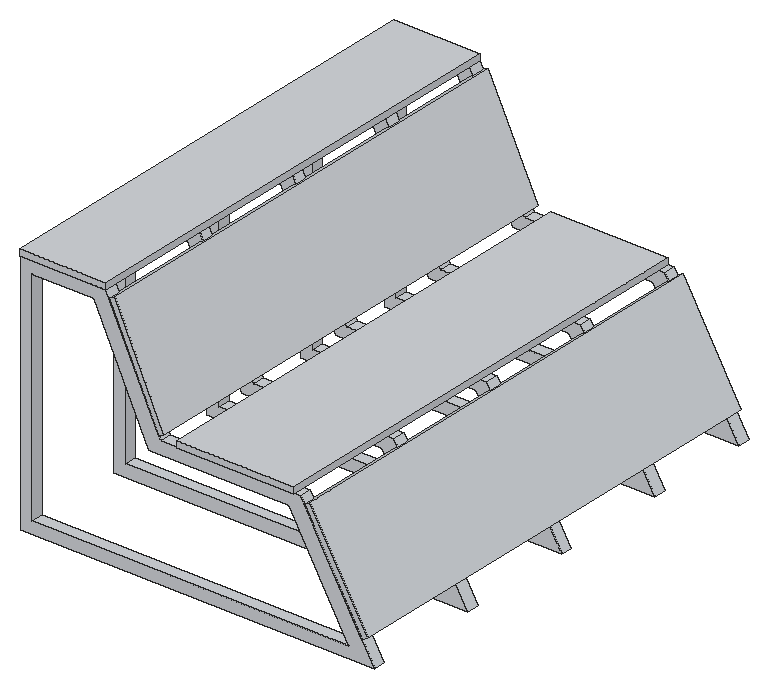
Revit family "panca prova", category Generic Models, Revit 2017
Family settings
  Can host rebar = No
  Round Connector Dimension = Use Diameter
  Part Type = Normal
  Work Plane-Based = No
  Always vertical = Yes
  Cut with Voids When Loaded = No
  Shared = No
  Room Calculation Point = No
Reference planes
  plane 1 "Center (Front/Back)": y = 0
  plane 2: z = 0
  plane 3 "Center (Left/Right)": x = 0
Dimensions and locks
  aligned and locked: level to plane 2
Nested families
  nested 1: "Dima" at (0, 0, 0), type "Dima"
  nested 2: "Dima" at (0, 1000, 0), type "Dima"
  nested 3: "Dima" at (0, 1500, 0), type "Dima"
  nested 4: "Dima" at (0, 1949.2, 0), type "Dima"
  nested 5: "Dima" at (0, 500, 0), type "Dima"
  nested 6: "Pannello" at (1214.555, -50.8, 525.59) x (0.5, 0, -0.866) z (0.866, 0, 0.5), type "Pannello"
  nested 7: "Pannello" at (-133, -50.8, 1050.8), type "Pannello"
    with larghezza 367 mm
  nested 8: "Pannello" at (1171.562, 1949.2, 550.8) x (-1, 0, 0) z (0, 0, 1), type "Pannello"
    with larghezza 500 mm
  nested 9: "Pannello" at (379.919, -50.8, 1022.764) x (0.4226, 0, -0.9063) z (0.9063, 0, 0.4226), type "Pannello"
    with larghezza 500 mm
Definition of nested family "Dima"
  Parameters (values of type "Dima")
    spessore = 50.8 mm
  Reference planes
    plane 1 "Center (Front/Back)": y = 0
    plane 2: z = 0
    plane 3 "Center (Left/Right)": x = 0
    plane 4 "Livello 1": z = 500
    plane 5 "Livello 2": z = 1000
    plane 6: x = 600
    plane 7: x = 1200
    plane 8: y = -50.8
  Forms (mm)
    Extrusion 1, solid
      sketch origin (0, 0, 0) x (1, 0, 0) y (0, 0, 1)
        loop
          line (0, 0) -> (1518.005, 0) -> (1200, 550.8) -> (600, 550.8) -> (366.846, 1050.8) -> (0, 1050.8) -> (0, 0)
        loop
          line (50.8, 50.8) -> (1408.546, 50.8) -> (1149.2, 500) -> (549.2, 500) -> (316.046, 1000) -> (50.8, 1000) -> (50.8, 50.8)
      from 0 to 50.8
  Lines and regions (mm)
    reference lines
      curve 1: line (50.8, 0, -260.812) -> (50.8, 0, 1428.388)
      curve 2: line (1405.093, 0, 50.8) -> (-714.907, 0, 50.8)
      curve 3: line (-183.837, 0, 1050.8) -> (1576.163, 0, 1050.8)
      curve 4: line (-236.675, 0, 550.8) -> (1623.325, 0, 550.8)
      curve 5: line (1149.2, 0, -211.355) -> (1149.2, 0, 1408.645)
      curve 6: line (549.2, 0, -211.355) -> (549.2, 0, 1437.845)
      curve 7: line (549.2, 0, 489.264) -> (54.817, 0, 1549.471)
      curve 8: line (1149.2, 0, 500) -> (1652.204, 0, -371.229)
  Dimensions and locks
    aligned and locked: level to plane 2
    aligned and locked: Extrusion 1 to plane 8
    aligned and locked: Extrusion 1 to plane 4 "Livello 1"
    aligned and locked: Extrusion 1 to curve 4
    aligned and locked: Extrusion 1 to curve 3
    aligned and locked: Extrusion 1 to plane 5 "Livello 2"
    aligned and locked: Extrusion 1 to plane 3 "Center (Left/Right)"
    aligned and locked: curve 1 to Extrusion 1
    aligned and locked: Extrusion 1 to curve 2
    aligned and locked: Extrusion 1 to level
Definition of nested family "Pannello"
  Parameters (values of type "Pannello")
    lunghezza = 2000 mm
    larghezza [instance] = 500 mm
    altezza = 27 mm
    Default Elevation = 1219.2 mm
  Reference planes
    plane 1 "Center (Front/Back)": y = 0
    plane 2: z = 0
    plane 3 "Center (Left/Right)": x = 0
  Forms (mm)
    Extrusion 1, solid
      sketch origin (0, 0, 0) x (1, 0, 0) y (0, 1, 0)
        loop
          line (-1219.2, 1219.2) -> (-1219.2, -1219.2) -> (1219.2, -1219.2) -> (1219.2, 1219.2) -> (-1219.2, 1219.2)
      from 0 to -304.8
    Extrusion 2, solid
      sketch origin (0, 0, 0) x (1, 0, 0) y (0, 1, 0)
        loop
          line (0, 0) -> (500, 0) -> (500, 2000) -> (0, 2000) -> (0, 0)
      from 0 to 27
  Lines and regions (mm)
    reference lines
      curve 1: line (-1915.473, 2000, 0) -> (2784.527, 2000, 0)
      curve 2: line (500, -996.69, 0) -> (500, 2310.562, 0)
      curve 3: line (-1589.81, 0, 27) -> (2130.19, 0, 27)
  Dimensions and locks
    "lunghezza": plane 1 "Center (Front/Back)" to curve 1
    "larghezza": Extrusion 2 to Extrusion 2
    "altezza": curve 3 to Extrusion 1
    aligned and locked: plane 2 to Extrusion 1
    aligned and locked: level to Extrusion 1
    aligned and locked: Extrusion 2 to curve 1
    aligned and locked: curve 2 to Extrusion 2
    aligned and locked: Extrusion 2 to curve 3
  Automatic sketch dimensions
    Extrusion 1 sketch curve to Extrusion 1 sketch curve = 2438.4 mm  (x2)
    Extrusion 2 sketch curve to plane 3 "Center (Left/Right)" = 0 mm
    plane 1 "Center (Front/Back)" to Extrusion 2 sketch curve = 0 mm
    plane 3 "Center (Left/Right)" to Extrusion 2 sketch curve = 500 mm
    Extrusion 2 sketch curve to Extrusion 2 sketch curve = 2000 mm
    curve 1 to plane 3 "Center (Left/Right)" = 1915.473 mm
    plane 3 "Center (Left/Right)" to curve 2 = 500 mm
    curve 2 to curve 1 = 2284.527 mm
    plane 1 "Center (Front/Back)" to curve 2 = 996.69 mm
    curve 1 to curve 2 = 310.562 mm
    curve 3 to plane 3 "Center (Left/Right)" = 1589.81 mm
    plane 3 "Center (Left/Right)" to curve 3 = 2130.19 mm
